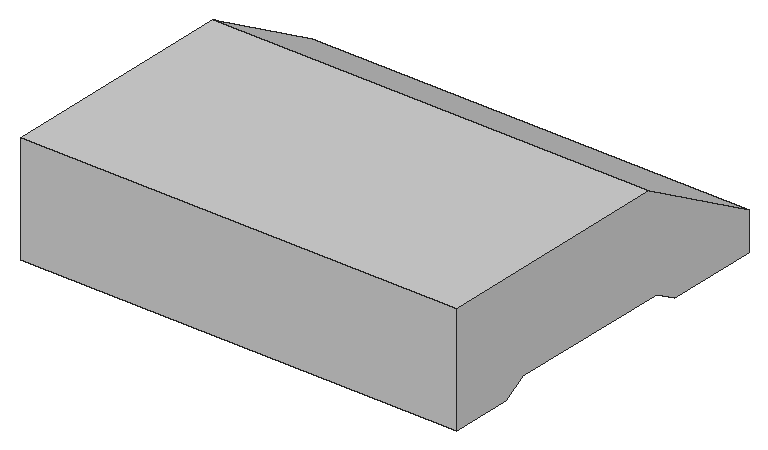
Revit family
Parameters (values of type "600mm")
  Depth = 500 mm
  Height = 150 mm
  Hood Material = Metal - Stainless Steel
  Mounting Hgt = 1400 mm
  Width = 600 mm
Reference planes
  plane 1: y = 0
  plane 2 "Center": x = -97.2
  plane 3: x = -397.2
  plane 4: y = 576.2
  plane 5: x = 202.8
  plane 6: z = 1400
  plane 7: z = 1550
Forms (mm)
  Extrusion 1, solid, material "Metal - Stainless Steel" <- "Hood Material"
    sketch origin (1828.8, 0, 0) x (0, 1, 0) y (0, 0, 1)
      loop
        line (76.2, 1400) -> (160.4, 1400) -> (189.815, 1417.4) -> (418.953, 1417.4) -> (449.2, 1400) -> (576.2, 1400) -> (576.2, 1452.206) -> (406.2, 1550) -> (76.2, 1550) -> (76.2, 1400)
    from -2226 to -1626
Lines and regions (mm)
  symbolic lines, style "Above"
    curve 1: line (-397.2, 76.2, 0) -> (-397.2, 576.2, 0)
    curve 2: line (-397.2, 576.2, 0) -> (202.8, 576.2, 0)
    curve 3: line (202.8, 576.2, 0) -> (202.8, 76.2, 0)
  model lines, style "InvisibleLines"
    curve 4: line (-97.2, 76.2, 1400) -> (-97.2, 76.2, 0)
Text (mm)
  text "Placement Side" at (0, 413.266, 3124.603), in view "Right"
  text "Placement Side" at (-1787.662, 723.012, 0), in view "Ref. Level"
  text "Placement Side" at (0, 1206.291, 3571.227), in view "Left"
Dimensions and locks
  "Depth": host wall to plane 4
  "Width": plane 3 to plane 5
  equal spacing: plane 3, plane 2 "Center", plane 5
  "Mounting Hgt": level to plane 6
  "Height": plane 6 to plane 7
  aligned and locked: Extrusion 1 to plane 3
  aligned and locked: Extrusion 1 to plane 5
  aligned and locked: Extrusion 1 to curve 4
  aligned and locked: curve 2 to curve 4
  aligned and locked: plane 2 "Center" to curve 4
Automatic sketch dimensions
  Extrusion 1 sketch curve to host wall = 0 mm
  Extrusion 1 sketch curve to plane 6 = 0 mm  (x2)
  Extrusion 1 sketch curve to plane 7 = 0 mm
  Extrusion 1 sketch curve to plane 4 = 0 mm
  Extrusion 1 sketch curve to Extrusion 1 sketch curve = 84.2 mm
  Extrusion 1 sketch curve to Extrusion 1 sketch curve = 29.415 mm
  Extrusion 1 sketch curve to plane 6 = 17.4 mm
  plane 4 to Extrusion 1 sketch curve = 170 mm
  Extrusion 1 sketch curve to Extrusion 1 sketch curve = 12.753 mm
  Extrusion 1 sketch curve to Extrusion 1 sketch curve = 30.247 mm
  Extrusion 1 sketch curve to plane 6 = 52.206 mm
  curve 1 to plane 3 = 0 mm
  curve 3 to plane 4 = 0 mm
  curve 3 to plane 5 = 0 mm
  curve 3 to host wall = 0 mm
  curve 1 to host wall = 0 mm
